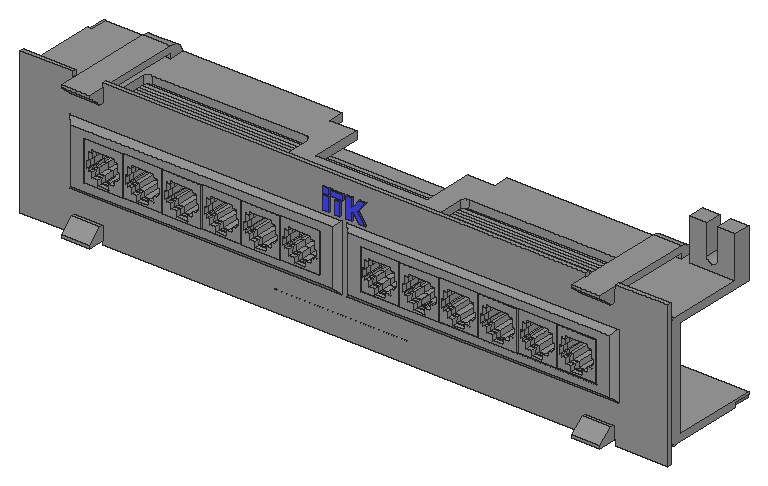
Revit family "ITK_Патч-панель_Настенный монтаж_Неэкранированная", category Обобщенные модели, Revit 2019
Family settings
  Может служить основой для арматурных стержней = Нет
  Размер круглого соединителя = Использовать диаметр
  Тип детали = Нормальный
  На основе рабочей плоскости = Нет
  Всегда вертикально = Да
  При загрузке вырезать с полостями = Нет
  Общий = Нет
  Точка расчета площади = Нет
Parameters (values of type "PP24-1UC5EU-D05")
  Ширина = 253 mm
  Материал = Окраска - RAL 9005
  Изготовитель = "ITK"  # constant formula
  Дата изменения = ""
  Глубина = 48 mm
  Высота = 60 mm
  URL = "https://www.iek.ru/"
  KSI_CPr_Строительные изделия = "27.12.31.61.1.04.09-1090"  # constant formula
  KSI_CMa_Строительные материалы = ""
  IEK_Цена за единицу = 1391.62
  IEK_Поиск в таблице имен = ""
  IEK_Описание = "Соответствие международным стандартам и ГОСТ Р.\r\nМонтаж как на стену.\r\nДвойная понятная маркировка IDC-модулей и портов.\r\nРасширенный частотный диапазон работы.\r\nУвеличенное количество циклов включения-отключения.\r\nПодходят для кабелей и патч-кордов диаметром 22-26 AWG всех производителей.\r\nПрименимы для сетей ISDN, 10baseT, 100baseT, 1000baseT, EIA RS 232/485, 155 Mbit ATM, Token Ring."
  IEK_URL = "https://www.itk-group.ru/produktsiya/catalog/oborudovanie_telekommunikatsionnoe/komponenty_sks_mednye/patch_paneli/nastennye_patch_paneli/itk_nastennaya_patch_panel_kat_5e_utp_12_portov_dual_idc"
  ADSK_Примечание = ""
  ADSK_Позиция [instance] = ""
  ADSK_Наименование = "ITK Настенная патч-панель кат.5Е UTP, 12 портов (IDC Dual)"
  ADSK_Материал обозначение = ""
  ADSK_Материал наименование = "АБС-пластик"  # constant formula
  ADSK_Масса = 0.4
  ADSK_Марка = ""  # constant formula
  ADSK_Код изделия = "PP12-C5EU-D05"
  ADSK_Завод-изготовитель = "IEK"  # constant formula
  ADSK_Единица измерения = "шт"  # constant formula
  ADSK_Группирование = "I. ЩИТЫ И ПУЛЬТЫ"  # constant formula
  ADSK_Версия семейства = "1.0"  # constant formula
  ADSK_Версия Revit = "2019"  # constant formula
  ADSK_URL страницы изделия = "https://www.itk-group.ru/produktsiya/catalog/oborudovanie_telekommunikatsionnoe/komponenty_sks_mednye/patch_paneli/nastennye_patch_paneli/"
Types (2, lengths in mm): name | IEK_Цена за единицу | IEK_URL | ADSK_Наименование | ADSK_Код изделия
  PP24-1UC5EU-D05 | 1391.62 | "https://www.itk-group.ru/produktsiya/catalog/oborudovanie_telekommunikatsionnoe/komponenty_sks_mednye/patch_paneli/nastennye_patch_paneli/itk_nastennaya_patch_panel_kat_5e_utp_12_portov_dual_idc" | "ITK Настенная патч-панель кат.5Е UTP, 12 портов (IDC Dual)" | "PP12-C5EU-D05"
  PP12-C6U-D05 | 1156.24 | "https://www.itk-group.ru/produktsiya/catalog/oborudovanie_telekommunikatsionnoe/komponenty_sks_mednye/patch_paneli/nastennye_patch_paneli/itk_nastennaya_patch_panel_kat_6_utp_12_portov_dual" | "ITK Настенная патч-панель кат.6 UTP, 12 портов (IDC Dual)" | "PP12-C6U-D05"
Reference planes
  plane 1 "По центру (Вперед/Назад)": y = 0
  plane 2: z = 0
  plane 3 "По центру (Влево/Вправо)": x = 0
Forms (mm)
  Extrusion 1, solid, material "Пластик белый", detail levels fine
    sketch origin (-0.447, 2, 43.137) x (1, 0, 0) y (0, 0, 1)
      loop
        line (-7.624, 5.29) -> (-7.624, 0) -> (-5.312, 0) -> (-5.312, 5.29) -> (-7.624, 5.29)
      loop
        line (-0.808, 5.29) -> (-2.986, 5.29) -> (-2.986, 0) -> (-0.808, 0) -> (-0.808, 5.29)
      loop
        line (-7.624, 6.027) -> (-5.312, 6.027) -> (-5.312, 8.272) -> (-7.624, 8.272) -> (-7.624, 6.027)
      loop
        line (1.567, 8.272) -> (1.567, 0) -> (3.747, 0) -> (3.747, 3.101) -> (4.58, 3.101) -> (6.594, 0) -> (9.251, 0) -> (6.241, 4.142) -> (9.251, 8.272) -> (6.594, 8.272) -> (4.58, 5.17) -> (3.747, 5.17) -> (3.747, 8.272) -> (1.567, 8.272)
      loop
        line (-4.24, 6.027) -> (0.447, 6.027) -> (0.447, 8.272) -> (-4.24, 8.272) -> (-4.24, 6.027)
    from 0 to 0.554
  Extrusion 2, solid, material "Окраска - RAL 9005" <- "Материал", detail levels fine
    sketch origin (0.049, 0, -338.41) x (0, 1, 0) y (0, 0, 1)
      loop
        line (41.5, 405.91) -> (35, 405.91) -> (35, 389.41) -> (5.496, 389.368)
        spline (5.496, 389.368) -> (5.28, 389.395) -> (5.065, 389.387) -> (4.851, 389.342) -> (4.643, 389.262) -> (4.444, 389.147) -> (4.256, 389) -> (4.082, 388.822) -> (3.924, 388.617) -> (3.786, 388.386) -> (3.668, 388.133) -> (3.572, 387.862) -> (3.5, 387.577)
        line (3.5, 387.577) -> (3.5, 346.253)
        spline (3.5, 346.253) -> (3.574, 345.967) -> (3.672, 345.695) -> (3.791, 345.441) -> (3.931, 345.209) -> (4.089, 345.002) -> (4.264, 344.823) -> (4.451, 344.675) -> (4.65, 344.56) -> (4.857, 344.479) -> (5.069, 344.434) -> (5.282, 344.425) -> (5.5, 344.41)
        line (5.5, 344.41) -> (35, 344.41) -> (35, 327.91) -> (41.5, 327.91) -> (41.5, 347.41) -> (7.7, 347.41) -> (7.7, 386.41) -> (41.5, 386.41) -> (41.5, 405.91)
    from 127.451 to -127.549
  Extrusion 3, void
    sketch origin (0, 0, 0) x (1, 0, 0) y (0, 1, 0)
      loop
        line (-32.5, 41.5) -> (-32.5, 35.5) -> (-22, 35.5) -> (-22, 15.5) -> (22, 15.5) -> (22, 35.5) -> (32.5, 35.5) -> (32.5, 41.5) -> (-32.5, 41.5)
      loop
        line (-30, 5.5) -> (-30, 21.5)
        arc (-30, 21.5) -> (-30.586, 22.914) -> (-32, 23.5) r 2
        line (-32, 23.5) -> (-93, 23.5)
        arc (-93, 23.5) -> (-94.414, 22.914) -> (-95, 21.5) r 2
        line (-95, 21.5) -> (-95, 3.5) -> (-28, 3.5)
        arc (-28, 3.5) -> (-29.414, 4.086) -> (-30, 5.5) r 2
      loop
        arc (30, 5.5) -> (29.414, 4.086) -> (28, 3.5) r 2
        line (28, 3.5) -> (95, 3.5) -> (95, 21.5)
        arc (95, 21.5) -> (94.414, 22.914) -> (93, 23.5) r 2
        line (93, 23.5) -> (32, 23.5)
        arc (32, 23.5) -> (30.586, 22.914) -> (30, 21.5) r 2
        line (30, 21.5) -> (30, 5.5)
    from 63.967 to -5.819
  Extrusion 4, void
    sketch origin (0, 0, 0) x (1, 0, 0) y (0, 0, 1)
      loop
        line (109.5, 51) -> (109.5, 67.5) -> (-127.5, 67.5) -> (-127.5, 49.069)
        arc (-127.5, 49.069) -> (-126.934, 50.434) -> (-125.569, 51) r 1.931
        line (-125.569, 51) -> (109.5, 51)
      loop
        line (125.629, 6) -> (-109.5, 6) -> (-109.5, -10.5) -> (127.5, -10.5) -> (127.5, 7.871)
        arc (127.5, 7.871) -> (126.952, 6.548) -> (125.629, 6) r 1.871
      loop
        line (116.25, 67.5) -> (116.25, 55.75)
        arc (116.25, 55.75) -> (118.5, 53.5) -> (120.75, 55.75) r 2.25
        line (120.75, 55.75) -> (120.75, 67.5) -> (116.25, 67.5)
      loop
        arc (-115.75, -4.5) -> (-113.5, -2.25) -> (-115.75, 0) r 2.25
        line (-115.75, 0) -> (-127.5, 0) -> (-127.5, -4.5) -> (-115.75, -4.5)
    from -35 to -41.5
  Extrusion 5, solid, material "Окраска - RAL 9005" <- "Материал", detail levels fine
    sketch origin (0, 0, 0) x (0, 1, 0) y (0, 0, 1)
      loop
        line (3.5, 38.9) -> (3.5, 18.1) -> (23.5, 18.1) -> (23.5, 38.9) -> (3.5, 38.9)
    from 109 to -109
  Extrusion 6, solid, material "Окраска - RAL 9005" <- "Материал", detail levels fine
    sketch origin (0, 0, 0) x (0, 1, 0) y (0, 0, 1)
      loop
        line (16.9, 38.9) -> (18.5, 38.9) -> (18.5, 47.5) -> (16.9, 47.5) -> (16.9, 38.9)
      loop
        line (16.9, 9.5) -> (18.5, 9.5) -> (18.5, 18.1) -> (16.9, 18.1) -> (16.9, 9.5)
    from 106 to -106
  Extrusion 7, solid, material "Окраска - RAL 9005" <- "Материал", detail levels fine
    sketch origin (0, 0, 0) x (0, 1, 0) y (0, 0, 1)
      loop
        line (26.2, 44.6) -> (26.2, 45.4) -> (24.2, 45.4) -> (23.6, 44.8) -> (23, 45.4) -> (18.5, 45.4) -> (18.5, 39) -> (23, 39) -> (23.6, 39.6) -> (24.2, 39) -> (33.2, 39) -> (33.2, 44.6) -> (26.2, 44.6)
      loop
        line (24.2, 18) -> (23.6, 17.4) -> (23, 18) -> (18.5, 18) -> (18.5, 11.6) -> (23, 11.6) -> (23.6, 12.2) -> (24.2, 11.6) -> (26.2, 11.6) -> (26.2, 12.4) -> (33.2, 12.4) -> (33.2, 18) -> (24.2, 18)
    from 100.225 to -100.225
  Extrusion 8, solid, material "Окраска - RAL 9005" <- "Материал", detail levels fine
    sketch origin (0, 0, 0) x (0, 1, 0) y (0, 0, 1)
      loop
        line (23.5, 34.5) -> (23.5, 31.9) -> (27.3, 33.4) -> (27.3, 34.5) -> (23.5, 34.5)
      loop
        line (23.5, 25.1) -> (23.5, 22.5) -> (27.3, 22.5) -> (27.3, 23.6) -> (23.5, 25.1)
    from 108 to -108
  Extrusion 9, solid, material "Окраска - RAL 9005" <- "Материал", detail levels fine
    sketch origin (0, 0, 0) x (1, 0, 0) y (0, 0, 1)
      loop
        line (-107, 57) -> (-127.5, 57) -> (-127.5, 0) -> (-107, 0) -> (-107, 2) -> (-95, 2) -> (-95, 0) -> (95, 0) -> (95, 2) -> (107, 2) -> (107, 0) -> (127.5, 0) -> (127.5, 57) -> (107, 57) -> (107, 55) -> (95, 55) -> (95, 57) -> (-95, 57) -> (-95, 55) -> (-107, 55) -> (-107, 57)
    from -3.5 to -2
  Extrusion 10, solid, material "Окраска - RAL 9005" <- "Материал", detail levels fine
    sketch origin (0, 0, 0) x (0, 1, 0) y (0, 0, 1)
      loop
        line (-4.5, 55.5) -> (-4.5, 54.5) -> (0.5, 50) -> (2.5, 50) -> (2.5, 53) -> (35.5, 53) -> (35.5, 51) -> (41.5, 51)
        arc (41.5, 51) -> (39.25, 54.25) -> (35.5, 55.5) r 6.25
        line (35.5, 55.5) -> (-4.5, 55.5)
      loop
        arc (35.5, 1.5) -> (39.25, 2.75) -> (41.5, 6) r 6.25
        line (41.5, 6) -> (35.5, 6) -> (35.5, 4) -> (2.5, 4) -> (2.5, 7) -> (0.5, 7) -> (-4.5, 2.5) -> (-4.5, 1.5) -> (35.5, 1.5)
    from -95 to -106
  Extrusion 11, solid, material "Окраска - RAL 9005" <- "Материал", detail levels fine
    sketch origin (0, 0, 0) x (0, 1, 0) y (0, 0, -1)
      loop
        line (-4.5, -55.5) -> (35.5, -55.5)
        arc (35.5, -55.5) -> (39.25, -54.25) -> (41.5, -51) r 6.25
        line (41.5, -51) -> (35.5, -51) -> (35.5, -53) -> (2.5, -53) -> (2.5, -50) -> (0.5, -50) -> (-4.5, -54.5) -> (-4.5, -55.5)
      loop
        line (35.5, -1.5) -> (-4.5, -1.5) -> (-4.5, -2.5) -> (0.5, -7) -> (2.5, -7) -> (2.5, -4) -> (35.5, -4) -> (35.5, -6) -> (41.5, -6)
        arc (41.5, -6) -> (39.25, -2.75) -> (35.5, -1.5) r 6.25
    from -95 to -106
  Blend 12, solid, material "Окраска - RAL 9005" <- "Материал", detail levels fine
    base sketch origin (0, 0, 0) x (1, 0, 0) y (0, 0, 1)
      loop
        line (-108, 15.5) -> (-1, 15.5) -> (-1, 41.5) -> (-108, 41.5) -> (-108, 15.5)
    top sketch origin (0, 0, 0) x (1, 0, 0) y (0, 0, 1)
      loop
        line (-106, 39.5) -> (-106, 17.5) -> (-3, 17.5) -> (-3, 39.5) -> (-106, 39.5)
    from -2 to 0
  Blend 13, solid, material "Окраска - RAL 9005" <- "Материал", detail levels fine
    base sketch origin (0, 0, 0) x (-1, 0, 0) y (0, 0, -1)
      loop
        line (-108, -15.5) -> (-108, -41.5) -> (-1, -41.5) -> (-1, -15.5) -> (-108, -15.5)
    top sketch origin (0, 0, 0) x (-1, 0, 0) y (0, 0, -1)
      loop
        line (-106, -39.5) -> (-3, -39.5) -> (-3, -17.5) -> (-106, -17.5) -> (-106, -39.5)
    from -2 to 0
  Extrusion 14, void
    sketch origin (0, 0, 0) x (1, 0, 0) y (0, 0, 1)
      loop
        line (-99.125, 29.25) -> (-99.913, 29.25) -> (-99.913, 26.25) -> (-99.125, 26.25) -> (-99.125, 25.45) -> (-97.65, 25.45) -> (-97.65, 23.45) -> (-95.475, 23.45) -> (-95.475, 21.45) -> (-90.975, 21.45) -> (-90.975, 23.45) -> (-88.8, 23.45) -> (-88.8, 25.45) -> (-87.325, 25.45) -> (-87.325, 26.25) -> (-86.537, 26.25) -> (-86.537, 29.25) -> (-87.325, 29.25) -> (-87.325, 32.45) -> (-88.85, 32.45) -> (-88.85, 33.45) -> (-97.6, 33.45) -> (-97.6, 32.45) -> (-99.125, 32.45) -> (-99.125, 29.25)
      loop
        line (-83.625, 29.25) -> (-84.413, 29.25) -> (-84.413, 26.25) -> (-83.625, 26.25) -> (-83.625, 25.45) -> (-82.15, 25.45) -> (-82.15, 23.45) -> (-79.975, 23.45) -> (-79.975, 21.45) -> (-75.475, 21.45) -> (-75.475, 23.45) -> (-73.3, 23.45) -> (-73.3, 25.45) -> (-71.825, 25.45) -> (-71.825, 26.25) -> (-71.037, 26.25) -> (-71.037, 29.25) -> (-71.825, 29.25) -> (-71.825, 32.45) -> (-73.35, 32.45) -> (-73.35, 33.45) -> (-82.1, 33.45) -> (-82.1, 32.45) -> (-83.625, 32.45) -> (-83.625, 29.25)
      loop
        line (-68.125, 29.25) -> (-68.913, 29.25) -> (-68.913, 26.25) -> (-68.125, 26.25) -> (-68.125, 25.45) -> (-66.65, 25.45) -> (-66.65, 23.45) -> (-64.475, 23.45) -> (-64.475, 21.45) -> (-59.975, 21.45) -> (-59.975, 23.45) -> (-57.8, 23.45) -> (-57.8, 25.45) -> (-56.325, 25.45) -> (-56.325, 26.25) -> (-55.537, 26.25) -> (-55.537, 29.25) -> (-56.325, 29.25) -> (-56.325, 32.45) -> (-57.85, 32.45) -> (-57.85, 33.45) -> (-66.6, 33.45) -> (-66.6, 32.45) -> (-68.125, 32.45) -> (-68.125, 29.25)
      loop
        line (-52.625, 29.25) -> (-53.413, 29.25) -> (-53.413, 26.25) -> (-52.625, 26.25) -> (-52.625, 25.45) -> (-51.15, 25.45) -> (-51.15, 23.45) -> (-48.975, 23.45) -> (-48.975, 21.45) -> (-44.475, 21.45) -> (-44.475, 23.45) -> (-42.3, 23.45) -> (-42.3, 25.45) -> (-40.825, 25.45) -> (-40.825, 26.25) -> (-40.037, 26.25) -> (-40.037, 29.25) -> (-40.825, 29.25) -> (-40.825, 32.45) -> (-42.35, 32.45) -> (-42.35, 33.45) -> (-51.1, 33.45) -> (-51.1, 32.45) -> (-52.625, 32.45) -> (-52.625, 29.25)
      loop
        line (-37.125, 29.25) -> (-37.913, 29.25) -> (-37.913, 26.25) -> (-37.125, 26.25) -> (-37.125, 25.45) -> (-35.65, 25.45) -> (-35.65, 23.45) -> (-33.475, 23.45) -> (-33.475, 21.45) -> (-28.975, 21.45) -> (-28.975, 23.45) -> (-26.8, 23.45) -> (-26.8, 25.45) -> (-25.325, 25.45) -> (-25.325, 26.25) -> (-24.537, 26.25) -> (-24.537, 29.25) -> (-25.325, 29.25) -> (-25.325, 32.45) -> (-26.85, 32.45) -> (-26.85, 33.45) -> (-35.6, 33.45) -> (-35.6, 32.45) -> (-37.125, 32.45) -> (-37.125, 29.25)
      loop
        line (-21.625, 29.25) -> (-22.413, 29.25) -> (-22.413, 26.25) -> (-21.625, 26.25) -> (-21.625, 25.45) -> (-20.15, 25.45) -> (-20.15, 23.45) -> (-17.975, 23.45) -> (-17.975, 21.45) -> (-13.475, 21.45) -> (-13.475, 23.45) -> (-11.3, 23.45) -> (-11.3, 25.45) -> (-9.825, 25.45) -> (-9.825, 26.25) -> (-9.037, 26.25) -> (-9.037, 29.25) -> (-9.825, 29.25) -> (-9.825, 32.45) -> (-11.35, 32.45) -> (-11.35, 33.45) -> (-20.1, 33.45) -> (-20.1, 32.45) -> (-21.625, 32.45) -> (-21.625, 29.25)
      loop
        line (9.825, 29.25) -> (9.037, 29.25) -> (9.037, 26.25) -> (9.825, 26.25) -> (9.825, 25.45) -> (11.3, 25.45) -> (11.3, 23.45) -> (13.475, 23.45) -> (13.475, 21.45) -> (17.975, 21.45) -> (17.975, 23.45) -> (20.15, 23.45) -> (20.15, 25.45) -> (21.625, 25.45) -> (21.625, 26.25) -> (22.413, 26.25) -> (22.413, 29.25) -> (21.625, 29.25) -> (21.625, 32.45) -> (20.1, 32.45) -> (20.1, 33.45) -> (11.35, 33.45) -> (11.35, 32.45) -> (9.825, 32.45) -> (9.825, 29.25)
      loop
        line (25.325, 29.25) -> (24.537, 29.25) -> (24.537, 26.25) -> (25.325, 26.25) -> (25.325, 25.45) -> (26.8, 25.45) -> (26.8, 23.45) -> (28.975, 23.45) -> (28.975, 21.45) -> (33.475, 21.45) -> (33.475, 23.45) -> (35.65, 23.45) -> (35.65, 25.45) -> (37.125, 25.45) -> (37.125, 26.25) -> (37.913, 26.25) -> (37.913, 29.25) -> (37.125, 29.25) -> (37.125, 32.45) -> (35.6, 32.45) -> (35.6, 33.45) -> (26.85, 33.45) -> (26.85, 32.45) -> (25.325, 32.45) -> (25.325, 29.25)
      loop
        line (56.325, 29.25) -> (55.537, 29.25) -> (55.537, 26.25) -> (56.325, 26.25) -> (56.325, 25.45) -> (57.8, 25.45) -> (57.8, 23.45) -> (59.975, 23.45) -> (59.975, 21.45) -> (64.475, 21.45) -> (64.475, 23.45) -> (66.65, 23.45) -> (66.65, 25.45) -> (68.125, 25.45) -> (68.125, 26.25) -> (68.913, 26.25) -> (68.913, 29.25) -> (68.125, 29.25) -> (68.125, 32.45) -> (66.6, 32.45) -> (66.6, 33.45) -> (57.85, 33.45) -> (57.85, 32.45) -> (56.325, 32.45) -> (56.325, 29.25)
      loop
        line (71.825, 29.25) -> (71.037, 29.25) -> (71.037, 26.25) -> (71.825, 26.25) -> (71.825, 25.45) -> (73.3, 25.45) -> (73.3, 23.45) -> (75.475, 23.45) -> (75.475, 21.45) -> (79.975, 21.45) -> (79.975, 23.45) -> (82.15, 23.45) -> (82.15, 25.45) -> (83.625, 25.45) -> (83.625, 26.25) -> (84.413, 26.25) -> (84.413, 29.25) -> (83.625, 29.25) -> (83.625, 32.45) -> (82.1, 32.45) -> (82.1, 33.45) -> (73.35, 33.45) -> (73.35, 32.45) -> (71.825, 32.45) -> (71.825, 29.25)
      loop
        line (87.325, 29.25) -> (86.537, 29.25) -> (86.537, 26.25) -> (87.325, 26.25) -> (87.325, 25.45) -> (88.8, 25.45) -> (88.8, 23.45) -> (90.975, 23.45) -> (90.975, 21.45) -> (95.475, 21.45) -> (95.475, 23.45) -> (97.65, 23.45) -> (97.65, 25.45) -> (99.125, 25.45) -> (99.125, 26.25) -> (99.913, 26.25) -> (99.913, 29.25) -> (99.125, 29.25) -> (99.125, 32.45) -> (97.6, 32.45) -> (97.6, 33.45) -> (88.85, 33.45) -> (88.85, 32.45) -> (87.325, 32.45) -> (87.325, 29.25)
      loop
        line (40.825, 29.25) -> (40.037, 29.25) -> (40.037, 26.25) -> (40.825, 26.25) -> (40.825, 25.45) -> (42.3, 25.45) -> (42.3, 23.45) -> (44.475, 23.45) -> (44.475, 21.45) -> (48.975, 21.45) -> (48.975, 23.45) -> (51.15, 23.45) -> (51.15, 25.45) -> (52.625, 25.45) -> (52.625, 26.25) -> (53.413, 26.25) -> (53.413, 29.25) -> (52.625, 29.25) -> (52.625, 32.45) -> (51.1, 32.45) -> (51.1, 33.45) -> (42.35, 33.45) -> (42.35, 32.45) -> (40.825, 32.45) -> (40.825, 29.25)
    from -11.454 to 0
  Extrusion 15, void
    sketch origin (0, 0, 0) x (1, 0, 0) y (0, 0, 1)
      loop
        line (-101, 36.5) -> (-101, 20.5) -> (-8, 20.5) -> (-8, 36.5) -> (-101, 36.5)
      loop
        line (-100.669, 36.245) -> (-100.669, 20.781) -> (-85.669, 20.781) -> (-85.669, 36.245) -> (-100.669, 36.245)
      loop
        line (-85.169, 36.245) -> (-85.169, 20.781) -> (-70.169, 20.781) -> (-70.169, 36.245) -> (-85.169, 36.245)
      loop
        line (-69.669, 36.245) -> (-69.669, 20.781) -> (-54.669, 20.781) -> (-54.669, 36.245) -> (-69.669, 36.245)
      loop
        line (-38.669, 36.245) -> (-38.669, 20.781) -> (-23.669, 20.781) -> (-23.669, 36.245) -> (-38.669, 36.245)
      loop
        line (-23.169, 36.245) -> (-23.169, 20.781) -> (-8.169, 20.781) -> (-8.169, 36.245) -> (-23.169, 36.245)
      loop
        line (-54.169, 36.245) -> (-54.169, 20.781) -> (-39.169, 20.781) -> (-39.169, 36.245) -> (-54.169, 36.245)
      loop
        line (101, 36.5) -> (8, 36.5) -> (8, 20.5) -> (101, 20.5) -> (101, 36.5)
      loop
        line (100.669, 36.245) -> (85.669, 36.245) -> (85.669, 20.781) -> (100.669, 20.781) -> (100.669, 36.245)
      loop
        line (85.169, 36.245) -> (70.169, 36.245) -> (70.169, 20.781) -> (85.169, 20.781) -> (85.169, 36.245)
      loop
        line (69.669, 36.245) -> (54.669, 36.245) -> (54.669, 20.781) -> (69.669, 20.781) -> (69.669, 36.245)
      loop
        line (38.669, 36.245) -> (23.669, 36.245) -> (23.669, 20.781) -> (38.669, 20.781) -> (38.669, 36.245)
      loop
        line (23.169, 36.245) -> (8.169, 36.245) -> (8.169, 20.781) -> (23.169, 20.781) -> (23.169, 36.245)
      loop
        line (54.169, 36.245) -> (39.169, 36.245) -> (39.169, 20.781) -> (54.169, 20.781) -> (54.169, 36.245)
    from -0.87 to 0
  Extrusion 16, solid, detail levels coarse+medium
    sketch origin (0, 0, 0) x (1, 0, 0) y (0, 1, 0)
      loop
        line (-127.5, 41.5) -> (-127.5, 0) -> (127.805, 0) -> (127.805, 41.5) -> (-127.5, 41.5)
    from 55.5 to 0
Cuts and joins
  Extrusion 3, Extrusion 4, Extrusion 14 cuts Extrusion 2
  Extrusion 14, Extrusion 15 cuts Blend 12
  Extrusion 14, Extrusion 15 cuts Blend 13
  Extrusion 14 cuts Extrusion 5
  Extrusion 14 cuts Extrusion 9
Dimensions and locks
  aligned and locked: level to plane 2
  aligned and locked: cut or joined group of Extrusion 2, Extrusion 3, Extrusion 4, Extrusion 14 to Extrusion 4 sketch curve  (x2)
  aligned and locked: Extrusion 4 to cut or joined group of Extrusion 2, Extrusion 3, Extrusion 4, Extrusion 14
